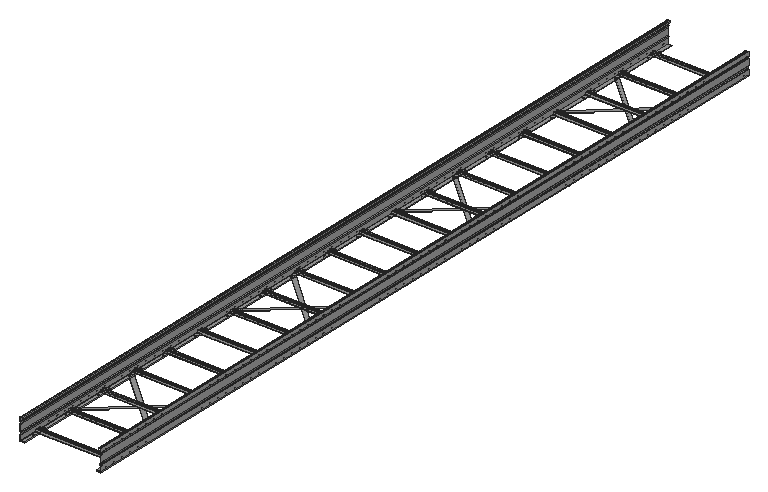
Revit family "WKLG 1660 03.09", category Generic Models, Revit 2017 (continued)
Forms (mm)
  Extrusion 268, void
    sketch origin (0, 1950, 0) x (0, 1, 0) y (0, 0, 1)
      loop
        arc (49.5, 15.599) -> (49.854, 15.746) -> (50, 16.099) r 0.5
        line (50, 16.099) -> (50, 24)
        arc (50, 24) -> (49.854, 24.354) -> (49.5, 24.5) r 0.5
        line (49.5, 24.5) -> (25.5, 24.5)
    from 298 to 300
  Extrusion 269, void
    sketch origin (0, 2025, 0) x (0, 1, 0) y (0, 0, 1)
      loop
        arc (25.5, 24.5) -> (25.146, 24.354) -> (25, 24) r 0.5
        line (25, 24) -> (25, 16.099)
        arc (25, 16.099) -> (25.146, 15.746) -> (25.5, 15.599) r 0.5
        line (25.5, 15.599) -> (49.5, 15.599)
        arc (49.5, 15.599) -> (49.854, 15.746) -> (50, 16.099) r 0.5
        line (50, 16.099) -> (50, 24)
        arc (50, 24) -> (49.854, 24.354) -> (49.5, 24.5) r 0.5
        line (49.5, 24.5) -> (25.5, 24.5)
    from 298 to 300
  Extrusion 270, void
    sketch origin (0, 2100, 0) x (0, 1, 0) y (0, 0, 1)
      loop
        arc (25.5, 24.5) -> (25.146, 24.354) -> (25, 24) r 0.5
        line (25, 24) -> (25, 16.099)
        arc (25, 16.099) -> (25.146, 15.746) -> (25.5, 15.599) r 0.5
        line (25.5, 15.599) -> (49.5, 15.599)
        arc (49.5, 15.599) -> (49.854, 15.746) -> (50, 16.099) r 0.5
        line (50, 16.099) -> (50, 24)
        arc (50, 24) -> (49.854, 24.354) -> (49.5, 24.5) r 0.5
        line (49.5, 24.5) -> (25.5, 24.5)
    from 298 to 300
  Extrusion 271, void
    sketch origin (0, 2175, 0) x (0, 1, 0) y (0, 0, 1)
      loop
        arc (25.5, 24.5) -> (25.146, 24.354) -> (25, 24) r 0.5
        line (25, 24) -> (25, 16.099)
        arc (25, 16.099) -> (25.146, 15.746) -> (25.5, 15.599) r 0.5
        line (25.5, 15.599) -> (49.5, 15.599)
        arc (49.5, 15.599) -> (49.854, 15.746) -> (50, 16.099) r 0.5
        line (50, 16.099) -> (50, 24)
        arc (50, 24) -> (49.854, 24.354) -> (49.5, 24.5) r 0.5
        line (49.5, 24.5) -> (25.5, 24.5)
    from 298 to 300
  Extrusion 272, void
    sketch origin (0, 2250, 0) x (0, 1, 0) y (0, 0, 1)
      loop
        arc (25.5, 24.5) -> (25.146, 24.354) -> (25, 24) r 0.5
        line (25, 24) -> (25, 16.099)
        arc (25, 16.099) -> (25.146, 15.746) -> (25.5, 15.599) r 0.5
        line (25.5, 15.599) -> (49.5, 15.599)
        arc (49.5, 15.599) -> (49.854, 15.746) -> (50, 16.099) r 0.5
        line (50, 16.099) -> (50, 24)
        arc (50, 24) -> (49.854, 24.354) -> (49.5, 24.5) r 0.5
        line (49.5, 24.5) -> (25.5, 24.5)
    from 298 to 300
  Extrusion 273, void
    sketch origin (0, 2325, 0) x (0, 1, 0) y (0, 0, 1)
      loop
        arc (25.5, 24.5) -> (25.146, 24.354) -> (25, 24) r 0.5
        line (25, 24) -> (25, 16.099)
        arc (25, 16.099) -> (25.146, 15.746) -> (25.5, 15.599) r 0.5
        line (25.5, 15.599) -> (49.5, 15.599)
        arc (49.5, 15.599) -> (49.854, 15.746) -> (50, 16.099) r 0.5
        line (50, 16.099) -> (50, 24)
        arc (50, 24) -> (49.854, 24.354) -> (49.5, 24.5) r 0.5
        line (49.5, 24.5) -> (25.5, 24.5)
    from 298 to 300
  Extrusion 274, void
    sketch origin (0, 2400, 0) x (0, 1, 0) y (0, 0, 1)
      loop
        arc (25.5, 24.5) -> (25.146, 24.354) -> (25, 24) r 0.5
        line (25, 24) -> (25, 16.099)
        arc (25, 16.099) -> (25.146, 15.746) -> (25.5, 15.599) r 0.5
        line (25.5, 15.599) -> (49.5, 15.599)
        arc (49.5, 15.599) -> (49.854, 15.746) -> (50, 16.099) r 0.5
        line (50, 16.099) -> (50, 24)
        arc (50, 24) -> (49.854, 24.354) -> (49.5, 24.5) r 0.5
        line (49.5, 24.5) -> (25.5, 24.5)
    from 298 to 300
  Extrusion 275, void
    sketch origin (0, 2475, 0) x (0, 1, 0) y (0, 0, 1)
      loop
        arc (25.5, 24.5) -> (25.146, 24.354) -> (25, 24) r 0.5
        line (25, 24) -> (25, 16.099)
        arc (25, 16.099) -> (25.146, 15.746) -> (25.5, 15.599) r 0.5
        line (25.5, 15.599) -> (49.5, 15.599)
        arc (49.5, 15.599) -> (49.854, 15.746) -> (50, 16.099) r 0.5
        line (50, 16.099) -> (50, 24)
        arc (50, 24) -> (49.854, 24.354) -> (49.5, 24.5) r 0.5
        line (49.5, 24.5) -> (25.5, 24.5)
    from 298 to 300
  Extrusion 276, void
    sketch origin (0, 2550, 0) x (0, 1, 0) y (0, 0, 1)
      loop
        arc (25.5, 24.5) -> (25.146, 24.354) -> (25, 24) r 0.5
        line (25, 24) -> (25, 16.099)
        arc (25, 16.099) -> (25.146, 15.746) -> (25.5, 15.599) r 0.5
        line (25.5, 15.599) -> (49.5, 15.599)
        arc (49.5, 15.599) -> (49.854, 15.746) -> (50, 16.099) r 0.5
        line (50, 16.099) -> (50, 24)
        arc (50, 24) -> (49.854, 24.354) -> (49.5, 24.5) r 0.5
        line (49.5, 24.5) -> (25.5, 24.5)
    from 298 to 300
  Extrusion 277, void
    sketch origin (0, 2625, 0) x (0, 1, 0) y (0, 0, 1)
      loop
        arc (25.5, 24.5) -> (25.146, 24.354) -> (25, 24) r 0.5
        line (25, 24) -> (25, 16.099)
        arc (25, 16.099) -> (25.146, 15.746) -> (25.5, 15.599) r 0.5
        line (25.5, 15.599) -> (49.5, 15.599)
        arc (49.5, 15.599) -> (49.854, 15.746) -> (50, 16.099) r 0.5
        line (50, 16.099) -> (50, 24)
        arc (50, 24) -> (49.854, 24.354) -> (49.5, 24.5) r 0.5
        line (49.5, 24.5) -> (25.5, 24.5)
    from 298 to 300
  Extrusion 278, void
    sketch origin (0, 2700, 0) x (0, 1, 0) y (0, 0, 1)
      loop
        arc (25.5, 24.5) -> (25.146, 24.354) -> (25, 24) r 0.5
        line (25, 24) -> (25, 16.099)
        arc (25, 16.099) -> (25.146, 15.746) -> (25.5, 15.599) r 0.5
        line (25.5, 15.599) -> (49.5, 15.599)
        arc (49.5, 15.599) -> (49.854, 15.746) -> (50, 16.099) r 0.5
        line (50, 16.099) -> (50, 24)
        arc (50, 24) -> (49.854, 24.354) -> (49.5, 24.5) r 0.5
        line (49.5, 24.5) -> (25.5, 24.5)
    from 298 to 300
  Extrusion 279, void
    sketch origin (0, 2775, 0) x (0, 1, 0) y (0, 0, 1)
      loop
        arc (25.5, 24.5) -> (25.146, 24.354) -> (25, 24) r 0.5
        line (25, 24) -> (25, 16.099)
        arc (25, 16.099) -> (25.146, 15.746) -> (25.5, 15.599) r 0.5
        line (25.5, 15.599) -> (49.5, 15.599)
        arc (49.5, 15.599) -> (49.854, 15.746) -> (50, 16.099) r 0.5
        line (50, 16.099) -> (50, 24)
        arc (50, 24) -> (49.854, 24.354) -> (49.5, 24.5) r 0.5
        line (49.5, 24.5) -> (25.5, 24.5)
    from 298 to 300
  Extrusion 280, void
    sketch origin (0, 2850, 0) x (0, 1, 0) y (0, 0, 1)
      loop
        arc (25.5, 24.5) -> (25.146, 24.354) -> (25, 24) r 0.5
        line (25, 24) -> (25, 16.099)
        arc (25, 16.099) -> (25.146, 15.746) -> (25.5, 15.599) r 0.5
        line (25.5, 15.599) -> (49.5, 15.599)
        arc (49.5, 15.599) -> (49.854, 15.746) -> (50, 16.099) r 0.5
        line (50, 16.099) -> (50, 24)
        arc (50, 24) -> (49.854, 24.354) -> (49.5, 24.5) r 0.5
        line (49.5, 24.5) -> (25.5, 24.5)
    from 298 to 300
  Extrusion 281, void
    sketch origin (0, 2925, 0) x (0, 1, 0) y (0, 0, 1)
      loop
        arc (25.5, 24.5) -> (25.146, 24.354) -> (25, 24) r 0.5
        line (25, 24) -> (25, 16.099)
        arc (25, 16.099) -> (25.146, 15.746) -> (25.5, 15.599) r 0.5
        line (25.5, 15.599) -> (49.5, 15.599)
        arc (49.5, 15.599) -> (49.854, 15.746) -> (50, 16.099) r 0.5
        line (50, 16.099) -> (50, 24)
        arc (50, 24) -> (49.854, 24.354) -> (49.5, 24.5) r 0.5
        line (49.5, 24.5) -> (25.5, 24.5)
    from 298 to 300
  Extrusion 282, void
    sketch origin (0, 3000, 0) x (0, 1, 0) y (0, 0, 1)
      loop
        arc (25.5, 24.5) -> (25.146, 24.354) -> (25, 24) r 0.5
        line (25, 24) -> (25, 16.099)
        arc (25, 16.099) -> (25.146, 15.746) -> (25.5, 15.599) r 0.5
        line (25.5, 15.599) -> (49.5, 15.599)
        arc (49.5, 15.599) -> (49.854, 15.746) -> (50, 16.099) r 0.5
        line (50, 16.099) -> (50, 24)
        arc (50, 24) -> (49.854, 24.354) -> (49.5, 24.5) r 0.5
        line (49.5, 24.5) -> (25.5, 24.5)
    from 298 to 300
  Extrusion 283, void
    sketch origin (0, 3075, 0) x (0, 1, 0) y (0, 0, 1)
      loop
        arc (25.5, 24.5) -> (25.146, 24.354) -> (25, 24) r 0.5
        line (25, 24) -> (25, 16.099)
        arc (25, 16.099) -> (25.146, 15.746) -> (25.5, 15.599) r 0.5
        line (25.5, 15.599) -> (49.5, 15.599)
        arc (49.5, 15.599) -> (49.854, 15.746) -> (50, 16.099) r 0.5
        line (50, 16.099) -> (50, 24)
        arc (50, 24) -> (49.854, 24.354) -> (49.5, 24.5) r 0.5
        line (49.5, 24.5) -> (25.5, 24.5)
    from 298 to 300
  Extrusion 284, void
    sketch origin (0, 3150, 0) x (0, 1, 0) y (0, 0, 1)
      loop
        arc (25.5, 24.5) -> (25.146, 24.354) -> (25, 24) r 0.5
        line (25, 24) -> (25, 16.099)
        arc (25, 16.099) -> (25.146, 15.746) -> (25.5, 15.599) r 0.5
        line (25.5, 15.599) -> (49.5, 15.599)
        arc (49.5, 15.599) -> (49.854, 15.746) -> (50, 16.099) r 0.5
        line (50, 16.099) -> (50, 24)
        arc (50, 24) -> (49.854, 24.354) -> (49.5, 24.5) r 0.5
        line (49.5, 24.5) -> (25.5, 24.5)
    from 298 to 300
  Extrusion 285, void
    sketch origin (0, 3225, 0) x (0, 1, 0) y (0, 0, 1)
      loop
        arc (25.5, 24.5) -> (25.146, 24.354) -> (25, 24) r 0.5
        line (25, 24) -> (25, 16.099)
        arc (25, 16.099) -> (25.146, 15.746) -> (25.5, 15.599) r 0.5
        line (25.5, 15.599) -> (49.5, 15.599)
        arc (49.5, 15.599) -> (49.854, 15.746) -> (50, 16.099) r 0.5
        line (50, 16.099) -> (50, 24)
        arc (50, 24) -> (49.854, 24.354) -> (49.5, 24.5) r 0.5
        line (49.5, 24.5) -> (25.5, 24.5)
    from 298 to 300
  Extrusion 286, void
    sketch origin (0, 3300, 0) x (0, 1, 0) y (0, 0, 1)
      loop
        arc (25.5, 24.5) -> (25.146, 24.354) -> (25, 24) r 0.5
        line (25, 24) -> (25, 16.099)
        arc (25, 16.099) -> (25.146, 15.746) -> (25.5, 15.599) r 0.5
        line (25.5, 15.599) -> (49.5, 15.599)
        arc (49.5, 15.599) -> (49.854, 15.746) -> (50, 16.099) r 0.5
        line (50, 16.099) -> (50, 24)
        arc (50, 24) -> (49.854, 24.354) -> (49.5, 24.5) r 0.5
        line (49.5, 24.5) -> (25.5, 24.5)
    from 298 to 300
  Extrusion 287, void
    sketch origin (0, 3375, 0) x (0, 1, 0) y (0, 0, 1)
      loop
        arc (25.5, 24.5) -> (25.146, 24.354) -> (25, 24) r 0.5
        line (25, 24) -> (25, 16.099)
        arc (25, 16.099) -> (25.146, 15.746) -> (25.5, 15.599) r 0.5
        line (25.5, 15.599) -> (49.5, 15.599)
        arc (49.5, 15.599) -> (49.854, 15.746) -> (50, 16.099) r 0.5
        line (50, 16.099) -> (50, 24)
        arc (50, 24) -> (49.854, 24.354) -> (49.5, 24.5) r 0.5
        line (49.5, 24.5) -> (25.5, 24.5)
    from 298 to 300
  Extrusion 288, void
    sketch origin (0, 3450, 0) x (0, 1, 0) y (0, 0, 1)
      loop
        arc (25.5, 24.5) -> (25.146, 24.354) -> (25, 24) r 0.5
        line (25, 24) -> (25, 16.099)
        arc (25, 16.099) -> (25.146, 15.746) -> (25.5, 15.599) r 0.5
        line (25.5, 15.599) -> (49.5, 15.599)
        arc (49.5, 15.599) -> (49.854, 15.746) -> (50, 16.099) r 0.5
        line (50, 16.099) -> (50, 24)
        arc (50, 24) -> (49.854, 24.354) -> (49.5, 24.5) r 0.5
        line (49.5, 24.5) -> (25.5, 24.5)
    from 298 to 300
  Extrusion 289, void
    sketch origin (0, 3525, 0) x (0, 1, 0) y (0, 0, 1)
      loop
        arc (25.5, 24.5) -> (25.146, 24.354) -> (25, 24) r 0.5
        line (25, 24) -> (25, 16.099)
        arc (25, 16.099) -> (25.146, 15.746) -> (25.5, 15.599) r 0.5
        line (25.5, 15.599) -> (49.5, 15.599)
        arc (49.5, 15.599) -> (49.854, 15.746) -> (50, 16.099) r 0.5
        line (50, 16.099) -> (50, 24)
        arc (50, 24) -> (49.854, 24.354) -> (49.5, 24.5) r 0.5
        line (49.5, 24.5) -> (25.5, 24.5)
    from 298 to 300
  Extrusion 290, void
    sketch origin (0, 3600, 0) x (0, 1, 0) y (0, 0, 1)
      loop
        arc (25.5, 24.5) -> (25.146, 24.354) -> (25, 24) r 0.5
        line (25, 24) -> (25, 16.099)
        arc (25, 16.099) -> (25.146, 15.746) -> (25.5, 15.599) r 0.5
        line (25.5, 15.599) -> (49.5, 15.599)
        arc (49.5, 15.599) -> (49.854, 15.746) -> (50, 16.099) r 0.5
        line (50, 16.099) -> (50, 24)
        arc (50, 24) -> (49.854, 24.354) -> (49.5, 24.5) r 0.5
        line (49.5, 24.5) -> (25.5, 24.5)
    from 298 to 300
  Extrusion 291, void
    sketch origin (0, 3675, 0) x (0, 1, 0) y (0, 0, 1)
      loop
        arc (25.5, 24.5) -> (25.146, 24.354) -> (25, 24) r 0.5
        line (25, 24) -> (25, 16.099)
        arc (25, 16.099) -> (25.146, 15.746) -> (25.5, 15.599) r 0.5
        line (25.5, 15.599) -> (49.5, 15.599)
        arc (49.5, 15.599) -> (49.854, 15.746) -> (50, 16.099) r 0.5
        line (50, 16.099) -> (50, 24)
        arc (50, 24) -> (49.854, 24.354) -> (49.5, 24.5) r 0.5
        line (49.5, 24.5) -> (25.5, 24.5)
    from 298 to 300
  Extrusion 292, void
    sketch origin (0, 3750, 0) x (0, 1, 0) y (0, 0, 1)
      loop
        arc (25.5, 24.5) -> (25.146, 24.354) -> (25, 24) r 0.5
        line (25, 24) -> (25, 16.099)
        arc (25, 16.099) -> (25.146, 15.746) -> (25.5, 15.599) r 0.5
        line (25.5, 15.599) -> (49.5, 15.599)
        arc (49.5, 15.599) -> (49.854, 15.746) -> (50, 16.099) r 0.5
        line (50, 16.099) -> (50, 24)
        arc (50, 24) -> (49.854, 24.354) -> (49.5, 24.5) r 0.5
        line (49.5, 24.5) -> (25.5, 24.5)
    from 298 to 300
  Extrusion 293, void
    sketch origin (0, 3825, 0) x (0, 1, 0) y (0, 0, 1)
      loop
        arc (25.5, 24.5) -> (25.146, 24.354) -> (25, 24) r 0.5
        line (25, 24) -> (25, 16.099)
        arc (25, 16.099) -> (25.146, 15.746) -> (25.5, 15.599) r 0.5
        line (25.5, 15.599) -> (49.5, 15.599)
        arc (49.5, 15.599) -> (49.854, 15.746) -> (50, 16.099) r 0.5
        line (50, 16.099) -> (50, 24)
        arc (50, 24) -> (49.854, 24.354) -> (49.5, 24.5) r 0.5
        line (49.5, 24.5) -> (25.5, 24.5)
    from 298 to 300
  Extrusion 294, void
    sketch origin (0, 3900, 0) x (0, 1, 0) y (0, 0, 1)
      loop
        arc (25.5, 24.5) -> (25.146, 24.354) -> (25, 24) r 0.5
        line (25, 24) -> (25, 16.099)
        arc (25, 16.099) -> (25.146, 15.746) -> (25.5, 15.599) r 0.5
        line (25.5, 15.599) -> (49.5, 15.599)
        arc (49.5, 15.599) -> (49.854, 15.746) -> (50, 16.099) r 0.5
        line (50, 16.099) -> (50, 24)
        arc (50, 24) -> (49.854, 24.354) -> (49.5, 24.5) r 0.5
        line (49.5, 24.5) -> (25.5, 24.5)
    from 298 to 300
  Extrusion 295, void
    sketch origin (0, 3975, 0) x (0, 1, 0) y (0, 0, 1)
      loop
        arc (25.5, 24.5) -> (25.146, 24.354) -> (25, 24) r 0.5
        line (25, 24) -> (25, 16.099)
        arc (25, 16.099) -> (25.146, 15.746) -> (25.5, 15.599) r 0.5
        line (25.5, 15.599) -> (49.5, 15.599)
        arc (49.5, 15.599) -> (49.854, 15.746) -> (50, 16.099) r 0.5
        line (50, 16.099) -> (50, 24)
        arc (50, 24) -> (49.854, 24.354) -> (49.5, 24.5) r 0.5
        line (49.5, 24.5) -> (25.5, 24.5)
    from 298 to 300
  Extrusion 296, void
    sketch origin (0, 4050, 0) x (0, 1, 0) y (0, 0, 1)
      loop
        arc (25.5, 24.5) -> (25.146, 24.354) -> (25, 24) r 0.5
        line (25, 24) -> (25, 16.099)
        arc (25, 16.099) -> (25.146, 15.746) -> (25.5, 15.599) r 0.5
        line (25.5, 15.599) -> (49.5, 15.599)
        arc (49.5, 15.599) -> (49.854, 15.746) -> (50, 16.099) r 0.5
        line (50, 16.099) -> (50, 24)
        arc (50, 24) -> (49.854, 24.354) -> (49.5, 24.5) r 0.5
        line (49.5, 24.5) -> (25.5, 24.5)
    from 298 to 300
  Extrusion 297, void
    sketch origin (0, 4125, 0) x (0, 1, 0) y (0, 0, 1)
      loop
        arc (25.5, 24.5) -> (25.146, 24.354) -> (25, 24) r 0.5
        line (25, 24) -> (25, 16.099)
        arc (25, 16.099) -> (25.146, 15.746) -> (25.5, 15.599) r 0.5
        line (25.5, 15.599) -> (49.5, 15.599)
        arc (49.5, 15.599) -> (49.854, 15.746) -> (50, 16.099) r 0.5
        line (50, 16.099) -> (50, 24)
        arc (50, 24) -> (49.854, 24.354) -> (49.5, 24.5) r 0.5
        line (49.5, 24.5) -> (25.5, 24.5)
    from 298 to 300
  Extrusion 298, void
    sketch origin (0, 4200, 0) x (0, 1, 0) y (0, 0, 1)
      loop
        arc (25.5, 24.5) -> (25.146, 24.354) -> (25, 24) r 0.5
        line (25, 24) -> (25, 16.099)
        arc (25, 16.099) -> (25.146, 15.746) -> (25.5, 15.599) r 0.5
        line (25.5, 15.599) -> (49.5, 15.599)
        arc (49.5, 15.599) -> (49.854, 15.746) -> (50, 16.099) r 0.5
        line (50, 16.099) -> (50, 24)
        arc (50, 24) -> (49.854, 24.354) -> (49.5, 24.5) r 0.5
        line (49.5, 24.5) -> (25.5, 24.5)
    from 298 to 300
  Extrusion 299, void
    sketch origin (0, 4275, 0) x (0, 1, 0) y (0, 0, 1)
      loop
        arc (25.5, 24.5) -> (25.146, 24.354) -> (25, 24) r 0.5
        line (25, 24) -> (25, 16.099)
        arc (25, 16.099) -> (25.146, 15.746) -> (25.5, 15.599) r 0.5
        line (25.5, 15.599) -> (49.5, 15.599)
        arc (49.5, 15.599) -> (49.854, 15.746) -> (50, 16.099) r 0.5
        line (50, 16.099) -> (50, 24)
        arc (50, 24) -> (49.854, 24.354) -> (49.5, 24.5) r 0.5
        line (49.5, 24.5) -> (25.5, 24.5)
    from 298 to 300
  Extrusion 300, void
    sketch origin (0, 4350, 0) x (0, 1, 0) y (0, 0, 1)
      loop
        arc (25.5, 24.5) -> (25.146, 24.354) -> (25, 24) r 0.5
        line (25, 24) -> (25, 16.099)
        arc (25, 16.099) -> (25.146, 15.746) -> (25.5, 15.599) r 0.5
        line (25.5, 15.599) -> (49.5, 15.599)
        arc (49.5, 15.599) -> (49.854, 15.746) -> (50, 16.099) r 0.5
        line (50, 16.099) -> (50, 24)
        arc (50, 24) -> (49.854, 24.354) -> (49.5, 24.5) r 0.5
        line (49.5, 24.5) -> (25.5, 24.5)
    from 298 to 300
  Extrusion 301, void
    sketch origin (0, 4425, 0) x (0, 1, 0) y (0, 0, 1)
      loop
        arc (25.5, 24.5) -> (25.146, 24.354) -> (25, 24) r 0.5
        line (25, 24) -> (25, 16.099)
        arc (25, 16.099) -> (25.146, 15.746) -> (25.5, 15.599) r 0.5
        line (25.5, 15.599) -> (49.5, 15.599)
        arc (49.5, 15.599) -> (49.854, 15.746) -> (50, 16.099) r 0.5
        line (50, 16.099) -> (50, 24)
        arc (50, 24) -> (49.854, 24.354) -> (49.5, 24.5) r 0.5
        line (49.5, 24.5) -> (25.5, 24.5)
    from 298 to 300
  Extrusion 302, void
    sketch origin (0, 4500, 0) x (0, 1, 0) y (0, 0, 1)
      loop
        arc (25.5, 24.5) -> (25.146, 24.354) -> (25, 24) r 0.5
        line (25, 24) -> (25, 16.099)
        arc (25, 16.099) -> (25.146, 15.746) -> (25.5, 15.599) r 0.5
        line (25.5, 15.599) -> (49.5, 15.599)
        arc (49.5, 15.599) -> (49.854, 15.746) -> (50, 16.099) r 0.5
        line (50, 16.099) -> (50, 24)
        arc (50, 24) -> (49.854, 24.354) -> (49.5, 24.5) r 0.5
        line (49.5, 24.5) -> (25.5, 24.5)
    from 298 to 300
  Extrusion 303, void
    sketch origin (0, 4575, 0) x (0, 1, 0) y (0, 0, 1)
      loop
        arc (25.5, 24.5) -> (25.146, 24.354) -> (25, 24) r 0.5
        line (25, 24) -> (25, 16.099)
        arc (25, 16.099) -> (25.146, 15.746) -> (25.5, 15.599) r 0.5
        line (25.5, 15.599) -> (49.5, 15.599)
        arc (49.5, 15.599) -> (49.854, 15.746) -> (50, 16.099) r 0.5
        line (50, 16.099) -> (50, 24)
        arc (50, 24) -> (49.854, 24.354) -> (49.5, 24.5) r 0.5
        line (49.5, 24.5) -> (25.5, 24.5)
    from 298 to 300
  Extrusion 304, void
    sketch origin (0, 4650, 0) x (0, 1, 0) y (0, 0, 1)
      loop
        arc (25.5, 24.5) -> (25.146, 24.354) -> (25, 24) r 0.5
        line (25, 24) -> (25, 16.099)
        arc (25, 16.099) -> (25.146, 15.746) -> (25.5, 15.599) r 0.5
        line (25.5, 15.599) -> (49.5, 15.599)
        arc (49.5, 15.599) -> (49.854, 15.746) -> (50, 16.099) r 0.5
        line (50, 16.099) -> (50, 24)
        arc (50, 24) -> (49.854, 24.354) -> (49.5, 24.5) r 0.5
        line (49.5, 24.5) -> (25.5, 24.5)
    from 298 to 300
  Extrusion 305, void
    sketch origin (0, 4725, 0) x (0, 1, 0) y (0, 0, 1)
      loop
        arc (25.5, 24.5) -> (25.146, 24.354) -> (25, 24) r 0.5
        line (25, 24) -> (25, 16.099)
        arc (25, 16.099) -> (25.146, 15.746) -> (25.5, 15.599) r 0.5
        line (25.5, 15.599) -> (49.5, 15.599)
        arc (49.5, 15.599) -> (49.854, 15.746) -> (50, 16.099) r 0.5
        line (50, 16.099) -> (50, 24)
        arc (50, 24) -> (49.854, 24.354) -> (49.5, 24.5) r 0.5
        line (49.5, 24.5) -> (25.5, 24.5)
    from 298 to 300
  Extrusion 306, void
    sketch origin (0, 4800, 0) x (0, 1, 0) y (0, 0, 1)
      loop
        arc (25.5, 24.5) -> (25.146, 24.354) -> (25, 24) r 0.5
        line (25, 24) -> (25, 16.099)
        arc (25, 16.099) -> (25.146, 15.746) -> (25.5, 15.599) r 0.5
        line (25.5, 15.599) -> (49.5, 15.599)
        arc (49.5, 15.599) -> (49.854, 15.746) -> (50, 16.099) r 0.5
        line (50, 16.099) -> (50, 24)
        arc (50, 24) -> (49.854, 24.354) -> (49.5, 24.5) r 0.5
        line (49.5, 24.5) -> (25.5, 24.5)
    from 298 to 300
  Extrusion 307, void
    sketch origin (0, 4875, 0) x (0, 1, 0) y (0, 0, 1)
      loop
        arc (25.5, 24.5) -> (25.146, 24.354) -> (25, 24) r 0.5
        line (25, 24) -> (25, 16.099)
        arc (25, 16.099) -> (25.146, 15.746) -> (25.5, 15.599) r 0.5
        line (25.5, 15.599) -> (49.5, 15.599)
        arc (49.5, 15.599) -> (49.854, 15.746) -> (50, 16.099) r 0.5
        line (50, 16.099) -> (50, 24)
        arc (50, 24) -> (49.854, 24.354) -> (49.5, 24.5) r 0.5
        line (49.5, 24.5) -> (25.5, 24.5)
    from 298 to 300
  Extrusion 308, void
    sketch origin (0, 4950, 0) x (0, 1, 0) y (0, 0, 1)
      loop
        arc (25.5, 24.5) -> (25.146, 24.354) -> (25, 24) r 0.5
        line (25, 24) -> (25, 16.099)
        arc (25, 16.099) -> (25.146, 15.746) -> (25.5, 15.599) r 0.5
        line (25.5, 15.599) -> (49.5, 15.599)
        arc (49.5, 15.599) -> (49.854, 15.746) -> (50, 16.099) r 0.5
        line (50, 16.099) -> (50, 24)
        arc (50, 24) -> (49.854, 24.354) -> (49.5, 24.5) r 0.5
        line (49.5, 24.5) -> (25.5, 24.5)
    from 298 to 300
  Extrusion 309, void
    sketch origin (0, 5025, 0) x (0, 1, 0) y (0, 0, 1)
      loop
        arc (25.5, 24.5) -> (25.146, 24.354) -> (25, 24) r 0.5
        line (25, 24) -> (25, 16.099)
        arc (25, 16.099) -> (25.146, 15.746) -> (25.5, 15.599) r 0.5
        line (25.5, 15.599) -> (49.5, 15.599)
        arc (49.5, 15.599) -> (49.854, 15.746) -> (50, 16.099) r 0.5
        line (50, 16.099) -> (50, 24)
        arc (50, 24) -> (49.854, 24.354) -> (49.5, 24.5) r 0.5
        line (49.5, 24.5) -> (25.5, 24.5)
    from 298 to 300
  Extrusion 310, void
    sketch origin (0, 5100, 0) x (0, 1, 0) y (0, 0, 1)
      loop
        arc (25.5, 24.5) -> (25.146, 24.354) -> (25, 24) r 0.5
        line (25, 24) -> (25, 16.099)
        arc (25, 16.099) -> (25.146, 15.746) -> (25.5, 15.599) r 0.5
        line (25.5, 15.599) -> (49.5, 15.599)
        arc (49.5, 15.599) -> (49.854, 15.746) -> (50, 16.099) r 0.5
        line (50, 16.099) -> (50, 24)
        arc (50, 24) -> (49.854, 24.354) -> (49.5, 24.5) r 0.5
        line (49.5, 24.5) -> (25.5, 24.5)
    from 298 to 300
  Extrusion 311, void
    sketch origin (0, 5175, 0) x (0, 1, 0) y (0, 0, 1)
      loop
        arc (25.5, 24.5) -> (25.146, 24.354) -> (25, 24) r 0.5
        line (25, 24) -> (25, 16.099)
        arc (25, 16.099) -> (25.146, 15.746) -> (25.5, 15.599) r 0.5
        line (25.5, 15.599) -> (49.5, 15.599)
        arc (49.5, 15.599) -> (49.854, 15.746) -> (50, 16.099) r 0.5
        line (50, 16.099) -> (50, 24)
        arc (50, 24) -> (49.854, 24.354) -> (49.5, 24.5) r 0.5
        line (49.5, 24.5) -> (25.5, 24.5)
    from 298 to 300
  Extrusion 312, void
    sketch origin (0, 5250, 0) x (0, 1, 0) y (0, 0, 1)
      loop
        arc (25.5, 24.5) -> (25.146, 24.354) -> (25, 24) r 0.5
        line (25, 24) -> (25, 16.099)
        arc (25, 16.099) -> (25.146, 15.746) -> (25.5, 15.599) r 0.5
        line (25.5, 15.599) -> (49.5, 15.599)
        arc (49.5, 15.599) -> (49.854, 15.746) -> (50, 16.099) r 0.5
        line (50, 16.099) -> (50, 24)
        arc (50, 24) -> (49.854, 24.354) -> (49.5, 24.5) r 0.5
        line (49.5, 24.5) -> (25.5, 24.5)
    from 298 to 300
  Extrusion 313, void
    sketch origin (0, 5325, 0) x (0, 1, 0) y (0, 0, 1)
      loop
        arc (25.5, 24.5) -> (25.146, 24.354) -> (25, 24) r 0.5
        line (25, 24) -> (25, 16.099)
        arc (25, 16.099) -> (25.146, 15.746) -> (25.5, 15.599) r 0.5
        line (25.5, 15.599) -> (49.5, 15.599)
        arc (49.5, 15.599) -> (49.854, 15.746) -> (50, 16.099) r 0.5
        line (50, 16.099) -> (50, 24)
        arc (50, 24) -> (49.854, 24.354) -> (49.5, 24.5) r 0.5
        line (49.5, 24.5) -> (25.5, 24.5)
    from 298 to 300
  Extrusion 314, void
    sketch origin (0, 5400, 0) x (0, 1, 0) y (0, 0, 1)
      loop
        arc (25.5, 24.5) -> (25.146, 24.354) -> (25, 24) r 0.5
        line (25, 24) -> (25, 16.099)
        arc (25, 16.099) -> (25.146, 15.746) -> (25.5, 15.599) r 0.5
        line (25.5, 15.599) -> (49.5, 15.599)
        arc (49.5, 15.599) -> (49.854, 15.746) -> (50, 16.099) r 0.5
        line (50, 16.099) -> (50, 24)
        arc (50, 24) -> (49.854, 24.354) -> (49.5, 24.5) r 0.5
        line (49.5, 24.5) -> (25.5, 24.5)
    from 298 to 300
  Extrusion 315, void
    sketch origin (0, 5475, 0) x (0, 1, 0) y (0, 0, 1)
      loop
        arc (25.5, 24.5) -> (25.146, 24.354) -> (25, 24) r 0.5
        line (25, 24) -> (25, 16.099)
        arc (25, 16.099) -> (25.146, 15.746) -> (25.5, 15.599) r 0.5
        line (25.5, 15.599) -> (49.5, 15.599)
        arc (49.5, 15.599) -> (49.854, 15.746) -> (50, 16.099) r 0.5
        line (50, 16.099) -> (50, 24)
        arc (50, 24) -> (49.854, 24.354) -> (49.5, 24.5) r 0.5
        line (49.5, 24.5) -> (25.5, 24.5)
    from 298 to 300
  Extrusion 316, void
    sketch origin (0, 5550, 0) x (0, 1, 0) y (0, 0, 1)
      loop
        arc (25.5, 24.5) -> (25.146, 24.354) -> (25, 24) r 0.5
        line (25, 24) -> (25, 16.099)
        arc (25, 16.099) -> (25.146, 15.746) -> (25.5, 15.599) r 0.5
        line (25.5, 15.599) -> (49.5, 15.599)
        arc (49.5, 15.599) -> (49.854, 15.746) -> (50, 16.099) r 0.5
        line (50, 16.099) -> (50, 24)
        arc (50, 24) -> (49.854, 24.354) -> (49.5, 24.5) r 0.5
        line (49.5, 24.5) -> (25.5, 24.5)
    from 298 to 300
  Extrusion 317, void
    sketch origin (0, 5625, 0) x (0, 1, 0) y (0, 0, 1)
      loop
        arc (25.5, 24.5) -> (25.146, 24.354) -> (25, 24) r 0.5
        line (25, 24) -> (25, 16.099)
        arc (25, 16.099) -> (25.146, 15.746) -> (25.5, 15.599) r 0.5
        line (25.5, 15.599) -> (49.5, 15.599)
        arc (49.5, 15.599) -> (49.854, 15.746) -> (50, 16.099) r 0.5
        line (50, 16.099) -> (50, 24)
        arc (50, 24) -> (49.854, 24.354) -> (49.5, 24.5) r 0.5
        line (49.5, 24.5) -> (25.5, 24.5)
    from 298 to 300
  Extrusion 318, void
    sketch origin (0, 5700, 0) x (0, 1, 0) y (0, 0, 1)
      loop
        arc (25.5, 24.5) -> (25.146, 24.354) -> (25, 24) r 0.5
        line (25, 24) -> (25, 16.099)
        arc (25, 16.099) -> (25.146, 15.746) -> (25.5, 15.599) r 0.5
        line (25.5, 15.599) -> (49.5, 15.599)
        arc (49.5, 15.599) -> (49.854, 15.746) -> (50, 16.099) r 0.5
        line (50, 16.099) -> (50, 24)
        arc (50, 24) -> (49.854, 24.354) -> (49.5, 24.5) r 0.5
        line (49.5, 24.5) -> (25.5, 24.5)
    from 298 to 300
  Extrusion 319, void
    sketch origin (0, 5775, 0) x (0, 1, 0) y (0, 0, 1)
      loop
        arc (25.5, 24.5) -> (25.146, 24.354) -> (25, 24) r 0.5
        line (25, 24) -> (25, 16.099)
        arc (25, 16.099) -> (25.146, 15.746) -> (25.5, 15.599) r 0.5
        line (25.5, 15.599) -> (49.5, 15.599)
        arc (49.5, 15.599) -> (49.854, 15.746) -> (50, 16.099) r 0.5
        line (50, 16.099) -> (50, 24)
        arc (50, 24) -> (49.854, 24.354) -> (49.5, 24.5) r 0.5
        line (49.5, 24.5) -> (25.5, 24.5)
    from 298 to 300
  Extrusion 320, void
    sketch origin (0, 5850, 0) x (0, 1, 0) y (0, 0, 1)
      loop
        arc (25.5, 24.5) -> (25.146, 24.354) -> (25, 24) r 0.5
        line (25, 24) -> (25, 16.099)
        arc (25, 16.099) -> (25.146, 15.746) -> (25.5, 15.599) r 0.5
        line (25.5, 15.599) -> (49.5, 15.599)
        arc (49.5, 15.599) -> (49.854, 15.746) -> (50, 16.099) r 0.5
        line (50, 16.099) -> (50, 24)
        arc (50, 24) -> (49.854, 24.354) -> (49.5, 24.5) r 0.5
        line (49.5, 24.5) -> (25.5, 24.5)
    from 298 to 300
  Extrusion 321, void
    sketch origin (0, 5925, 0) x (0, 1, 0) y (0, 0, 1)
      loop
        arc (25.5, 24.5) -> (25.146, 24.354) -> (25, 24) r 0.5
        line (25, 24) -> (25, 16.099)
        arc (25, 16.099) -> (25.146, 15.746) -> (25.5, 15.599) r 0.5
        line (25.5, 15.599) -> (49.5, 15.599)
        arc (49.5, 15.599) -> (49.854, 15.746) -> (50, 16.099) r 0.5
        line (50, 16.099) -> (50, 24)
        arc (50, 24) -> (49.854, 24.354) -> (49.5, 24.5) r 0.5
        line (49.5, 24.5) -> (25.5, 24.5)
    from 298 to 300
  Extrusion 322, solid, material "Hot-dip galvanised 85 µm" <- "Material"
    sketch origin (0, 0, 0) x (0, 1, 0) y (0, 0, 1)
      loop
        line (135.744, 17.209) -> (132.758, 3.209)
        arc (132.758, 3.209) -> (132.958, 2.371) -> (133.736, 2) r 1
        line (133.736, 2) -> (166.264, 2)
        arc (166.264, 2) -> (167.042, 2.371) -> (167.242, 3.209) r 1
        line (167.242, 3.209) -> (164.256, 17.209)
        arc (164.256, 17.209) -> (163.907, 17.777) -> (163.278, 18) r 1
        line (163.278, 18) -> (158.087, 18) -> (158.087, 16.5) -> (162.064, 16.5)
        arc (162.064, 16.5) -> (162.693, 16.277) -> (163.042, 15.709) r 1
        line (163.042, 15.709) -> (165.389, 4.709)
        arc (165.389, 4.709) -> (165.188, 3.871) -> (164.411, 3.5) r 1
        line (164.411, 3.5) -> (135.589, 3.5)
        arc (135.589, 3.5) -> (134.812, 3.871) -> (134.611, 4.709) r 1
        line (134.611, 4.709) -> (136.958, 15.709)
        arc (136.958, 15.709) -> (137.307, 16.277) -> (137.936, 16.5) r 1
        line (137.936, 16.5) -> (141.587, 16.5) -> (141.587, 18) -> (136.722, 18)
        arc (136.722, 18) -> (136.093, 17.777) -> (135.744, 17.209) r 1
    from -298 to 298
  Extrusion 323, void
    sketch origin (0, 0, 0) x (1, 0, 0) y (0, 1, 0)
      loop
        circle (-282, 100) r 2.5
    from 0 to 2
  Extrusion 324, void
    sketch origin (0, 300, 0) x (1, 0, 0) y (0, 1, 0)
      loop
        circle (-282, 100) r 2.5
    from 0 to 2
  Extrusion 325, void
    sketch origin (0, 600, 0) x (1, 0, 0) y (0, 1, 0)
      loop
        circle (-282, 100) r 2.5
    from 0 to 2
  Extrusion 326, void
    sketch origin (0, 900, 0) x (1, 0, 0) y (0, 1, 0)
      loop
        circle (-282, 100) r 2.5
    from 0 to 2
  Extrusion 327, void
    sketch origin (0, 1200, 0) x (1, 0, 0) y (0, 1, 0)
      loop
        circle (-282, 100) r 2.5
    from 0 to 2
  Extrusion 328, void
    sketch origin (0, 1500, 0) x (1, 0, 0) y (0, 1, 0)
      loop
        circle (-282, 100) r 2.5
    from 0 to 2
  Extrusion 329, void
    sketch origin (0, 1800, 0) x (1, 0, 0) y (0, 1, 0)
      loop
        circle (-282, 100) r 2.5
    from 0 to 2
  Extrusion 330, void
    sketch origin (0, 2100, 0) x (1, 0, 0) y (0, 1, 0)
      loop
        circle (-282, 100) r 2.5
    from 0 to 2
  Extrusion 331, void
    sketch origin (0, 2400, 0) x (1, 0, 0) y (0, 1, 0)
      loop
        circle (-282, 100) r 2.5
    from 0 to 2
  Extrusion 332, void
    sketch origin (0, 2700, 0) x (1, 0, 0) y (0, 1, 0)
      loop
        circle (-282, 100) r 2.5
    from 0 to 2
  Extrusion 333, void
    sketch origin (0, 3000, 0) x (1, 0, 0) y (0, 1, 0)
      loop
        circle (-282, 100) r 2.5
    from 0 to 2
  Extrusion 334, void
    sketch origin (0, 3300, 0) x (1, 0, 0) y (0, 1, 0)
      loop
        circle (-282, 100) r 2.5
    from 0 to 2
  Extrusion 335, void
    sketch origin (0, 3600, 0) x (1, 0, 0) y (0, 1, 0)
      loop
        circle (-282, 100) r 2.5
    from 0 to 2
  Extrusion 336, void
    sketch origin (0, 3900, 0) x (1, 0, 0) y (0, 1, 0)
      loop
        circle (-282, 100) r 2.5
    from 0 to 2
  Extrusion 337, void
    sketch origin (0, 4200, 0) x (1, 0, 0) y (0, 1, 0)
      loop
        circle (-282, 100) r 2.5
    from 0 to 2
  Extrusion 338, void
    sketch origin (0, 4500, 0) x (1, 0, 0) y (0, 1, 0)
      loop
        circle (-282, 100) r 2.5
    from 0 to 2
  Extrusion 339, void
    sketch origin (0, 4800, 0) x (1, 0, 0) y (0, 1, 0)
      loop
        circle (-282, 100) r 2.5
    from 0 to 2
  Extrusion 340, void
    sketch origin (0, 5100, 0) x (1, 0, 0) y (0, 1, 0)
      loop
        circle (-282, 100) r 2.5
    from 0 to 2
  Extrusion 341, void
    sketch origin (0, 5400, 0) x (1, 0, 0) y (0, 1, 0)
      loop
        circle (-282, 100) r 2.5
    from 0 to 2
  Extrusion 342, void
    sketch origin (0, 5700, 0) x (1, 0, 0) y (0, 1, 0)
      loop
        circle (-282, 100) r 2.5
    from 0 to 2
  Extrusion 343, void
    sketch origin (0, 0, 0) x (1, 0, 0) y (0, 1, 0)
      loop
        circle (-282, 200) r 2.5
    from 0 to 2
  Extrusion 344, void
    sketch origin (0, 300, 0) x (1, 0, 0) y (0, 1, 0)
      loop
        circle (-282, 200) r 2.5
    from 0 to 2
  Extrusion 345, void
    sketch origin (0, 600, 0) x (1, 0, 0) y (0, 1, 0)
      loop
        circle (-282, 200) r 2.5
    from 0 to 2
  Extrusion 346, void
    sketch origin (0, 900, 0) x (1, 0, 0) y (0, 1, 0)
      loop
        circle (-282, 200) r 2.5
    from 0 to 2
  Extrusion 347, void
    sketch origin (0, 1200, 0) x (1, 0, 0) y (0, 1, 0)
      loop
        circle (-282, 200) r 2.5
    from 0 to 2
  Extrusion 348, void
    sketch origin (0, 1500, 0) x (1, 0, 0) y (0, 1, 0)
      loop
        circle (-282, 200) r 2.5
    from 0 to 2
  Extrusion 349, void
    sketch origin (0, 1800, 0) x (1, 0, 0) y (0, 1, 0)
      loop
        circle (-282, 200) r 2.5
    from 0 to 2
  Extrusion 350, void
    sketch origin (0, 2100, 0) x (1, 0, 0) y (0, 1, 0)
      loop
        circle (-282, 200) r 2.5
    from 0 to 2
  Extrusion 351, void
    sketch origin (0, 2400, 0) x (1, 0, 0) y (0, 1, 0)
      loop
        circle (-282, 200) r 2.5
    from 0 to 2
  Extrusion 352, void
    sketch origin (0, 2700, 0) x (1, 0, 0) y (0, 1, 0)
      loop
        circle (-282, 200) r 2.5
    from 0 to 2
  Extrusion 353, void
    sketch origin (0, 3000, 0) x (1, 0, 0) y (0, 1, 0)
      loop
        circle (-282, 200) r 2.5
    from 0 to 2
  Extrusion 354, void
    sketch origin (0, 3300, 0) x (1, 0, 0) y (0, 1, 0)
      loop
        circle (-282, 200) r 2.5
    from 0 to 2
  Extrusion 355, void
    sketch origin (0, 3600, 0) x (1, 0, 0) y (0, 1, 0)
      loop
        circle (-282, 200) r 2.5
    from 0 to 2
  Extrusion 356, void
    sketch origin (0, 3900, 0) x (1, 0, 0) y (0, 1, 0)
      loop
        circle (-282, 200) r 2.5
    from 0 to 2
  Extrusion 357, void
    sketch origin (0, 4200, 0) x (1, 0, 0) y (0, 1, 0)
      loop
        circle (-282, 200) r 2.5
    from 0 to 2
  Extrusion 358, void
    sketch origin (0, 4500, 0) x (1, 0, 0) y (0, 1, 0)
      loop
        circle (-282, 200) r 2.5
    from 0 to 2
  Extrusion 359, void
    sketch origin (0, 4800, 0) x (1, 0, 0) y (0, 1, 0)
      loop
        circle (-282, 200) r 2.5
    from 0 to 2
  Extrusion 360, void
    sketch origin (0, 5100, 0) x (1, 0, 0) y (0, 1, 0)
      loop
        circle (-282, 200) r 2.5
    from 0 to 2
  Extrusion 361, void
    sketch origin (0, 5400, 0) x (1, 0, 0) y (0, 1, 0)
      loop
        circle (-282, 200) r 2.5
    from 0 to 2
  Extrusion 362, void
    sketch origin (0, 5700, 0) x (1, 0, 0) y (0, 1, 0)
      loop
        circle (-282, 200) r 2.5
    from 0 to 2
  Extrusion 363, void
    sketch origin (0, 0, 0) x (1, 0, 0) y (0, 1, 0)
      loop
        circle (282, 100) r 2.5
    from 0 to 2
  Extrusion 364, void
    sketch origin (0, 300, 0) x (1, 0, 0) y (0, 1, 0)
      loop
        circle (282, 100) r 2.5
    from 0 to 2
  Extrusion 365, void
    sketch origin (0, 600, 0) x (1, 0, 0) y (0, 1, 0)
      loop
        circle (282, 100) r 2.5
    from 0 to 2
  Extrusion 366, void
    sketch origin (0, 900, 0) x (1, 0, 0) y (0, 1, 0)
      loop
        circle (282, 100) r 2.5
    from 0 to 2
  Extrusion 367, void
    sketch origin (0, 1200, 0) x (1, 0, 0) y (0, 1, 0)
      loop
        circle (282, 100) r 2.5
    from 0 to 2
  Extrusion 368, void
    sketch origin (0, 1500, 0) x (1, 0, 0) y (0, 1, 0)
      loop
        circle (282, 100) r 2.5
    from 0 to 2
  Extrusion 369, void
    sketch origin (0, 1800, 0) x (1, 0, 0) y (0, 1, 0)
      loop
        circle (282, 100) r 2.5
    from 0 to 2
  Extrusion 370, void
    sketch origin (0, 2100, 0) x (1, 0, 0) y (0, 1, 0)
      loop
        circle (282, 100) r 2.5
    from 0 to 2
  Extrusion 371, void
    sketch origin (0, 2400, 0) x (1, 0, 0) y (0, 1, 0)
      loop
        circle (282, 100) r 2.5
    from 0 to 2
  Extrusion 372, void
    sketch origin (0, 2700, 0) x (1, 0, 0) y (0, 1, 0)
      loop
        circle (282, 100) r 2.5
    from 0 to 2
  Extrusion 373, void
    sketch origin (0, 3000, 0) x (1, 0, 0) y (0, 1, 0)
      loop
        circle (282, 100) r 2.5
    from 0 to 2
  Extrusion 374, void
    sketch origin (0, 3300, 0) x (1, 0, 0) y (0, 1, 0)
      loop
        circle (282, 100) r 2.5
    from 0 to 2
  Extrusion 375, void
    sketch origin (0, 3600, 0) x (1, 0, 0) y (0, 1, 0)
      loop
        circle (282, 100) r 2.5
    from 0 to 2
  Extrusion 376, void
    sketch origin (0, 3900, 0) x (1, 0, 0) y (0, 1, 0)
      loop
        circle (282, 100) r 2.5
    from 0 to 2
  Extrusion 377, void
    sketch origin (0, 4200, 0) x (1, 0, 0) y (0, 1, 0)
      loop
        circle (282, 100) r 2.5
    from 0 to 2
  Extrusion 378, void
    sketch origin (0, 4500, 0) x (1, 0, 0) y (0, 1, 0)
      loop
        circle (282, 100) r 2.5
    from 0 to 2
  Extrusion 379, void
    sketch origin (0, 4800, 0) x (1, 0, 0) y (0, 1, 0)
      loop
        circle (282, 100) r 2.5
    from 0 to 2
  Extrusion 380, void
    sketch origin (0, 5100, 0) x (1, 0, 0) y (0, 1, 0)
      loop
        circle (282, 100) r 2.5
    from 0 to 2
  Extrusion 381, void
    sketch origin (0, 5400, 0) x (1, 0, 0) y (0, 1, 0)
      loop
        circle (282, 100) r 2.5
    from 0 to 2
  Extrusion 382, void
    sketch origin (0, 5700, 0) x (1, 0, 0) y (0, 1, 0)
      loop
        circle (282, 100) r 2.5
    from 0 to 2
  Extrusion 383, void
    sketch origin (0, 0, 0) x (1, 0, 0) y (0, 1, 0)
      loop
        circle (282, 200) r 2.5
    from 0 to 2
  Extrusion 384, void
    sketch origin (0, 300, 0) x (1, 0, 0) y (0, 1, 0)
      loop
        circle (282, 200) r 2.5
    from 0 to 2
  Extrusion 385, void
    sketch origin (0, 600, 0) x (1, 0, 0) y (0, 1, 0)
      loop
        circle (282, 200) r 2.5
    from 0 to 2
  Extrusion 386, void
    sketch origin (0, 900, 0) x (1, 0, 0) y (0, 1, 0)
      loop
        circle (282, 200) r 2.5
    from 0 to 2
  Extrusion 387, void
    sketch origin (0, 1200, 0) x (1, 0, 0) y (0, 1, 0)
      loop
        circle (282, 200) r 2.5
    from 0 to 2
  Extrusion 388, void
    sketch origin (0, 1500, 0) x (1, 0, 0) y (0, 1, 0)
      loop
        circle (282, 200) r 2.5
    from 0 to 2
  Extrusion 389, void
    sketch origin (0, 1800, 0) x (1, 0, 0) y (0, 1, 0)
      loop
        circle (282, 200) r 2.5
    from 0 to 2
  Extrusion 390, void
    sketch origin (0, 2100, 0) x (1, 0, 0) y (0, 1, 0)
      loop
        circle (282, 200) r 2.5
    from 0 to 2
  Extrusion 391, void
    sketch origin (0, 2400, 0) x (1, 0, 0) y (0, 1, 0)
      loop
        circle (282, 200) r 2.5
    from 0 to 2
  Extrusion 392, void
    sketch origin (0, 2700, 0) x (1, 0, 0) y (0, 1, 0)
      loop
        circle (282, 200) r 2.5
    from 0 to 2
  Extrusion 393, void
    sketch origin (0, 3000, 0) x (1, 0, 0) y (0, 1, 0)
      loop
        circle (282, 200) r 2.5
    from 0 to 2
  Extrusion 394, void
    sketch origin (0, 3300, 0) x (1, 0, 0) y (0, 1, 0)
      loop
        circle (282, 200) r 2.5
    from 0 to 2
  Extrusion 395, void
    sketch origin (0, 3600, 0) x (1, 0, 0) y (0, 1, 0)
      loop
        circle (282, 200) r 2.5
    from 0 to 2
  Extrusion 396, void
    sketch origin (0, 3900, 0) x (1, 0, 0) y (0, 1, 0)
      loop
        circle (282, 200) r 2.5
    from 0 to 2
  Extrusion 397, void
    sketch origin (0, 4200, 0) x (1, 0, 0) y (0, 1, 0)
      loop
        circle (282, 200) r 2.5
    from 0 to 2
  Extrusion 398, void
    sketch origin (0, 4500, 0) x (1, 0, 0) y (0, 1, 0)
      loop
        circle (282, 200) r 2.5
    from 0 to 2
  Extrusion 399, void
    sketch origin (0, 4800, 0) x (1, 0, 0) y (0, 1, 0)
      loop
        circle (282, 200) r 2.5
    from 0 to 2
  Extrusion 400, void
    sketch origin (0, 5100, 0) x (1, 0, 0) y (0, 1, 0)
      loop
        circle (282, 200) r 2.5
    from 0 to 2
  Extrusion 401, void
    sketch origin (0, 5400, 0) x (1, 0, 0) y (0, 1, 0)
      loop
        circle (282, 200) r 2.5
    from 0 to 2
  Extrusion 402, void
    sketch origin (0, 5700, 0) x (1, 0, 0) y (0, 1, 0)
      loop
        circle (282, 200) r 2.5
    from 0 to 2
  Extrusion 403, void
    sketch origin (0, 0, 0) x (1, 0, 0) y (0, 1, 0)
      loop
        circle (-287.5, 150) r 2.75
      loop
        circle (-257.5, 150) r 3.5
      loop
        circle (287.5, 150) r 2.75
      loop
        circle (257.5, 150) r 3.5
    from 0 to 3.373
  Extrusion 404, solid, not visible
    sketch origin (0, 0, 0) x (0, 1, 0) y (0, 0, 1)
      loop
        line (135.744, 17.209) -> (132.758, 3.209)
        arc (132.758, 3.209) -> (132.958, 2.371) -> (133.736, 2) r 1
        line (133.736, 2) -> (166.264, 2)
        arc (166.264, 2) -> (167.042, 2.371) -> (167.242, 3.209) r 1
        line (167.242, 3.209) -> (164.256, 17.209)
        arc (164.256, 17.209) -> (163.907, 17.777) -> (163.278, 18) r 1
        line (163.278, 18) -> (158.087, 18) -> (158.087, 16.5) -> (162.064, 16.5)
        arc (162.064, 16.5) -> (162.693, 16.277) -> (163.042, 15.709) r 1
        line (163.042, 15.709) -> (165.389, 4.709)
        arc (165.389, 4.709) -> (165.188, 3.871) -> (164.411, 3.5) r 1
        line (164.411, 3.5) -> (135.589, 3.5)
        arc (135.589, 3.5) -> (134.812, 3.871) -> (134.611, 4.709) r 1
        line (134.611, 4.709) -> (136.958, 15.709)
        arc (136.958, 15.709) -> (137.307, 16.277) -> (137.936, 16.5) r 1
        line (137.936, 16.5) -> (141.587, 16.5) -> (141.587, 18) -> (136.722, 18)
        arc (136.722, 18) -> (136.093, 17.777) -> (135.744, 17.209) r 1
    from -298 to 298
  Extrusion 405, void
    sketch origin (0, 300, 0) x (1, 0, 0) y (0, 1, 0)
      loop
        circle (-287.5, 150) r 2.75
      loop
        circle (-257.5, 150) r 3.5
      loop
        circle (287.5, 150) r 2.75
      loop
        circle (257.5, 150) r 3.5
    from 0 to 3.373
  Extrusion 406, solid, material "Hot-dip galvanised 85 µm" <- "Material"
    sketch origin (0, 300, 0) x (0, 1, 0) y (0, 0, 1)
      loop
        line (135.744, 17.209) -> (132.758, 3.209)
        arc (132.758, 3.209) -> (132.958, 2.371) -> (133.736, 2) r 1
        line (133.736, 2) -> (166.264, 2)
        arc (166.264, 2) -> (167.042, 2.371) -> (167.242, 3.209) r 1
        line (167.242, 3.209) -> (164.256, 17.209)
        arc (164.256, 17.209) -> (163.907, 17.777) -> (163.278, 18) r 1
        line (163.278, 18) -> (158.087, 18) -> (158.087, 16.5) -> (162.064, 16.5)
        arc (162.064, 16.5) -> (162.693, 16.277) -> (163.042, 15.709) r 1
        line (163.042, 15.709) -> (165.389, 4.709)
        arc (165.389, 4.709) -> (165.188, 3.871) -> (164.411, 3.5) r 1
        line (164.411, 3.5) -> (135.589, 3.5)
        arc (135.589, 3.5) -> (134.812, 3.871) -> (134.611, 4.709) r 1
        line (134.611, 4.709) -> (136.958, 15.709)
        arc (136.958, 15.709) -> (137.307, 16.277) -> (137.936, 16.5) r 1
        line (137.936, 16.5) -> (141.587, 16.5) -> (141.587, 18) -> (136.722, 18)
        arc (136.722, 18) -> (136.093, 17.777) -> (135.744, 17.209) r 1
    from -298 to 298
  Extrusion 407, void
    sketch origin (0, 300, 0) x (1, 0, 0) y (0, 1, 0)
      loop
        circle (-287.5, 150) r 2.75
      loop
        circle (-257.5, 150) r 3.5
      loop
        circle (287.5, 150) r 2.75
      loop
        circle (257.5, 150) r 3.5
    from 0 to 3.373
  Extrusion 408, solid, material "Hot-dip galvanised 85 µm" <- "Material"
    sketch origin (0, 600, 0) x (0, 1, 0) y (0, 0, 1)
      loop
        line (135.744, 17.209) -> (132.758, 3.209)
        arc (132.758, 3.209) -> (132.958, 2.371) -> (133.736, 2) r 1
        line (133.736, 2) -> (166.264, 2)
        arc (166.264, 2) -> (167.042, 2.371) -> (167.242, 3.209) r 1
        line (167.242, 3.209) -> (164.256, 17.209)
        arc (164.256, 17.209) -> (163.907, 17.777) -> (163.278, 18) r 1
        line (163.278, 18) -> (158.087, 18) -> (158.087, 16.5) -> (162.064, 16.5)
        arc (162.064, 16.5) -> (162.693, 16.277) -> (163.042, 15.709) r 1
        line (163.042, 15.709) -> (165.389, 4.709)
        arc (165.389, 4.709) -> (165.188, 3.871) -> (164.411, 3.5) r 1
        line (164.411, 3.5) -> (135.589, 3.5)
        arc (135.589, 3.5) -> (134.812, 3.871) -> (134.611, 4.709) r 1
        line (134.611, 4.709) -> (136.958, 15.709)
        arc (136.958, 15.709) -> (137.307, 16.277) -> (137.936, 16.5) r 1
        line (137.936, 16.5) -> (141.587, 16.5) -> (141.587, 18) -> (136.722, 18)
        arc (136.722, 18) -> (136.093, 17.777) -> (135.744, 17.209) r 1
    from -298 to 298
  Extrusion 409, void
    sketch origin (0, 600, 0) x (1, 0, 0) y (0, 1, 0)
      loop
        circle (-287.5, 150) r 2.75
      loop
        circle (-257.5, 150) r 3.5
      loop
        circle (287.5, 150) r 2.75
      loop
        circle (257.5, 150) r 3.5
    from 0 to 3.373
  Extrusion 410, solid, material "Hot-dip galvanised 85 µm" <- "Material"
    sketch origin (0, 900, 0) x (0, 1, 0) y (0, 0, 1)
      loop
        line (135.744, 17.209) -> (132.758, 3.209)
        arc (132.758, 3.209) -> (132.958, 2.371) -> (133.736, 2) r 1
        line (133.736, 2) -> (166.264, 2)
        arc (166.264, 2) -> (167.042, 2.371) -> (167.242, 3.209) r 1
        line (167.242, 3.209) -> (164.256, 17.209)
        arc (164.256, 17.209) -> (163.907, 17.777) -> (163.278, 18) r 1
        line (163.278, 18) -> (158.087, 18) -> (158.087, 16.5) -> (162.064, 16.5)
        arc (162.064, 16.5) -> (162.693, 16.277) -> (163.042, 15.709) r 1
        line (163.042, 15.709) -> (165.389, 4.709)
        arc (165.389, 4.709) -> (165.188, 3.871) -> (164.411, 3.5) r 1
        line (164.411, 3.5) -> (135.589, 3.5)
        arc (135.589, 3.5) -> (134.812, 3.871) -> (134.611, 4.709) r 1
        line (134.611, 4.709) -> (136.958, 15.709)
        arc (136.958, 15.709) -> (137.307, 16.277) -> (137.936, 16.5) r 1
        line (137.936, 16.5) -> (141.587, 16.5) -> (141.587, 18) -> (136.722, 18)
        arc (136.722, 18) -> (136.093, 17.777) -> (135.744, 17.209) r 1
    from -298 to 298
  Extrusion 411, void
    sketch origin (0, 900, 0) x (1, 0, 0) y (0, 1, 0)
      loop
        circle (-287.5, 150) r 2.75
      loop
        circle (-257.5, 150) r 3.5
      loop
        circle (287.5, 150) r 2.75
      loop
        circle (257.5, 150) r 3.5
    from 0 to 3.373
  Extrusion 412, solid, material "Hot-dip galvanised 85 µm" <- "Material"
    sketch origin (0, 1200, 0) x (0, 1, 0) y (0, 0, 1)
      loop
        line (135.744, 17.209) -> (132.758, 3.209)
        arc (132.758, 3.209) -> (132.958, 2.371) -> (133.736, 2) r 1
        line (133.736, 2) -> (166.264, 2)
        arc (166.264, 2) -> (167.042, 2.371) -> (167.242, 3.209) r 1
        line (167.242, 3.209) -> (164.256, 17.209)
        arc (164.256, 17.209) -> (163.907, 17.777) -> (163.278, 18) r 1
        line (163.278, 18) -> (158.087, 18) -> (158.087, 16.5) -> (162.064, 16.5)
        arc (162.064, 16.5) -> (162.693, 16.277) -> (163.042, 15.709) r 1
        line (163.042, 15.709) -> (165.389, 4.709)
        arc (165.389, 4.709) -> (165.188, 3.871) -> (164.411, 3.5) r 1
        line (164.411, 3.5) -> (135.589, 3.5)
        arc (135.589, 3.5) -> (134.812, 3.871) -> (134.611, 4.709) r 1
        line (134.611, 4.709) -> (136.958, 15.709)
        arc (136.958, 15.709) -> (137.307, 16.277) -> (137.936, 16.5) r 1
        line (137.936, 16.5) -> (141.587, 16.5) -> (141.587, 18) -> (136.722, 18)
        arc (136.722, 18) -> (136.093, 17.777) -> (135.744, 17.209) r 1
    from -298 to 298
  Extrusion 413, void
    sketch origin (0, 1200, 0) x (1, 0, 0) y (0, 1, 0)
      loop
        circle (-287.5, 150) r 2.75
      loop
        circle (-257.5, 150) r 3.5
      loop
        circle (287.5, 150) r 2.75
      loop
        circle (257.5, 150) r 3.5
    from 0 to 3.373
  Extrusion 414, solid, material "Hot-dip galvanised 85 µm" <- "Material"
    sketch origin (0, 1500, 0) x (0, 1, 0) y (0, 0, 1)
      loop
        line (135.744, 17.209) -> (132.758, 3.209)
        arc (132.758, 3.209) -> (132.958, 2.371) -> (133.736, 2) r 1
        line (133.736, 2) -> (166.264, 2)
        arc (166.264, 2) -> (167.042, 2.371) -> (167.242, 3.209) r 1
        line (167.242, 3.209) -> (164.256, 17.209)
        arc (164.256, 17.209) -> (163.907, 17.777) -> (163.278, 18) r 1
        line (163.278, 18) -> (158.087, 18) -> (158.087, 16.5) -> (162.064, 16.5)
        arc (162.064, 16.5) -> (162.693, 16.277) -> (163.042, 15.709) r 1
        line (163.042, 15.709) -> (165.389, 4.709)
        arc (165.389, 4.709) -> (165.188, 3.871) -> (164.411, 3.5) r 1
        line (164.411, 3.5) -> (135.589, 3.5)
        arc (135.589, 3.5) -> (134.812, 3.871) -> (134.611, 4.709) r 1
        line (134.611, 4.709) -> (136.958, 15.709)
        arc (136.958, 15.709) -> (137.307, 16.277) -> (137.936, 16.5) r 1
        line (137.936, 16.5) -> (141.587, 16.5) -> (141.587, 18) -> (136.722, 18)
        arc (136.722, 18) -> (136.093, 17.777) -> (135.744, 17.209) r 1
    from -298 to 298
  Extrusion 415, void
    sketch origin (0, 1500, 0) x (1, 0, 0) y (0, 1, 0)
      loop
        circle (-287.5, 150) r 2.75
      loop
        circle (-257.5, 150) r 3.5
      loop
        circle (287.5, 150) r 2.75
      loop
        circle (257.5, 150) r 3.5
    from 0 to 3.373
  Extrusion 416, solid, material "Hot-dip galvanised 85 µm" <- "Material"
    sketch origin (0, 1800, 0) x (0, 1, 0) y (0, 0, 1)
      loop
        line (135.744, 17.209) -> (132.758, 3.209)
        arc (132.758, 3.209) -> (132.958, 2.371) -> (133.736, 2) r 1
        line (133.736, 2) -> (166.264, 2)
        arc (166.264, 2) -> (167.042, 2.371) -> (167.242, 3.209) r 1
        line (167.242, 3.209) -> (164.256, 17.209)
        arc (164.256, 17.209) -> (163.907, 17.777) -> (163.278, 18) r 1
        line (163.278, 18) -> (158.087, 18) -> (158.087, 16.5) -> (162.064, 16.5)
        arc (162.064, 16.5) -> (162.693, 16.277) -> (163.042, 15.709) r 1
        line (163.042, 15.709) -> (165.389, 4.709)
        arc (165.389, 4.709) -> (165.188, 3.871) -> (164.411, 3.5) r 1
        line (164.411, 3.5) -> (135.589, 3.5)
        arc (135.589, 3.5) -> (134.812, 3.871) -> (134.611, 4.709) r 1
        line (134.611, 4.709) -> (136.958, 15.709)
        arc (136.958, 15.709) -> (137.307, 16.277) -> (137.936, 16.5) r 1
        line (137.936, 16.5) -> (141.587, 16.5) -> (141.587, 18) -> (136.722, 18)
        arc (136.722, 18) -> (136.093, 17.777) -> (135.744, 17.209) r 1
    from -298 to 298
  Extrusion 417, void
    sketch origin (0, 1800, 0) x (1, 0, 0) y (0, 1, 0)
      loop
        circle (-287.5, 150) r 2.75
      loop
        circle (-257.5, 150) r 3.5
      loop
        circle (287.5, 150) r 2.75
      loop
        circle (257.5, 150) r 3.5
    from 0 to 3.373
  Extrusion 418, solid, material "Hot-dip galvanised 85 µm" <- "Material"
    sketch origin (0, 2100, 0) x (0, 1, 0) y (0, 0, 1)
      loop
        line (135.744, 17.209) -> (132.758, 3.209)
        arc (132.758, 3.209) -> (132.958, 2.371) -> (133.736, 2) r 1
        line (133.736, 2) -> (166.264, 2)
        arc (166.264, 2) -> (167.042, 2.371) -> (167.242, 3.209) r 1
        line (167.242, 3.209) -> (164.256, 17.209)
        arc (164.256, 17.209) -> (163.907, 17.777) -> (163.278, 18) r 1
        line (163.278, 18) -> (158.087, 18) -> (158.087, 16.5) -> (162.064, 16.5)
        arc (162.064, 16.5) -> (162.693, 16.277) -> (163.042, 15.709) r 1
        line (163.042, 15.709) -> (165.389, 4.709)
        arc (165.389, 4.709) -> (165.188, 3.871) -> (164.411, 3.5) r 1
        line (164.411, 3.5) -> (135.589, 3.5)
        arc (135.589, 3.5) -> (134.812, 3.871) -> (134.611, 4.709) r 1
        line (134.611, 4.709) -> (136.958, 15.709)
        arc (136.958, 15.709) -> (137.307, 16.277) -> (137.936, 16.5) r 1
        line (137.936, 16.5) -> (141.587, 16.5) -> (141.587, 18) -> (136.722, 18)
        arc (136.722, 18) -> (136.093, 17.777) -> (135.744, 17.209) r 1
    from -298 to 298
  Extrusion 419, void
    sketch origin (0, 2100, 0) x (1, 0, 0) y (0, 1, 0)
      loop
        circle (-287.5, 150) r 2.75
      loop
        circle (-257.5, 150) r 3.5
      loop
        circle (287.5, 150) r 2.75
      loop
        circle (257.5, 150) r 3.5
    from 0 to 3.373
  Extrusion 420, solid, material "Hot-dip galvanised 85 µm" <- "Material"
    sketch origin (0, 2400, 0) x (0, 1, 0) y (0, 0, 1)
      loop
        line (135.744, 17.209) -> (132.758, 3.209)
        arc (132.758, 3.209) -> (132.958, 2.371) -> (133.736, 2) r 1
        line (133.736, 2) -> (166.264, 2)
        arc (166.264, 2) -> (167.042, 2.371) -> (167.242, 3.209) r 1
        line (167.242, 3.209) -> (164.256, 17.209)
        arc (164.256, 17.209) -> (163.907, 17.777) -> (163.278, 18) r 1
        line (163.278, 18) -> (158.087, 18) -> (158.087, 16.5) -> (162.064, 16.5)
        arc (162.064, 16.5) -> (162.693, 16.277) -> (163.042, 15.709) r 1
